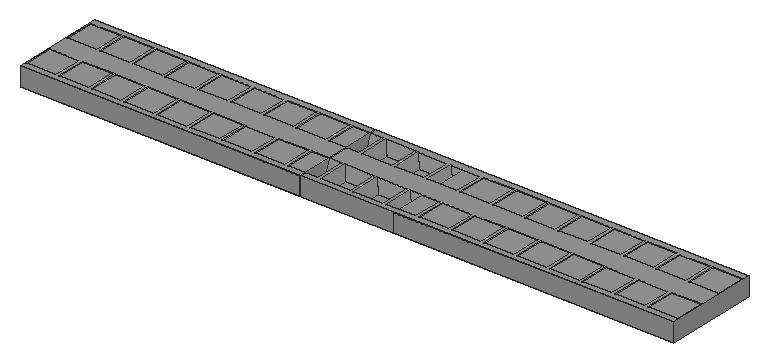
Revit family "2023773", category Lighting Fixtures, host Face, Revit 2018 (continued)
Automatic sketch dimensions
  Extrusion 66 sketch curve to plane 58 = 0 mm
  plane 12 to Extrusion 66 sketch curve = 10.5 mm
  Extrusion 66 sketch curve to plane 6 = 23.5 mm
  plane 50 to Extrusion 67 sketch curve = 10.5 mm
  Extrusion 67 sketch curve to plane 14 = 10.5 mm
  plane 12 to Extrusion 67 sketch curve = 10.5 mm
  Extrusion 67 sketch curve to plane 6 = 23.5 mm
  plane 15 to Extrusion 68 sketch curve = 10.5 mm
  Extrusion 68 sketch curve to plane 16 = 10.5 mm
  plane 12 to Extrusion 68 sketch curve = 10.5 mm
  Extrusion 68 sketch curve to plane 6 = 23.5 mm
  plane 17 to Extrusion 69 sketch curve = 10.5 mm
  Extrusion 69 sketch curve to plane 18 = 10.5 mm
  plane 12 to Extrusion 69 sketch curve = 10.5 mm
  Extrusion 69 sketch curve to plane 6 = 23.5 mm
  plane 19 to Extrusion 70 sketch curve = 10.5 mm
  Extrusion 70 sketch curve to plane 20 = 10.5 mm
  plane 12 to Extrusion 70 sketch curve = 10.5 mm
  Extrusion 70 sketch curve to plane 6 = 23.5 mm
  plane 21 to Extrusion 71 sketch curve = 10.5 mm
  Extrusion 71 sketch curve to plane 22 = 10.5 mm
  plane 12 to Extrusion 71 sketch curve = 10.5 mm
  Extrusion 71 sketch curve to plane 6 = 23.5 mm
  plane 23 to Extrusion 72 sketch curve = 10.5 mm
  Extrusion 72 sketch curve to plane 24 = 10.5 mm
  plane 12 to Extrusion 72 sketch curve = 10.5 mm
  Extrusion 72 sketch curve to plane 6 = 23.5 mm
  plane 31 to Extrusion 73 sketch curve = 10.5 mm
  Extrusion 73 sketch curve to plane 32 = 10.5 mm
  plane 12 to Extrusion 73 sketch curve = 10.5 mm
  Extrusion 73 sketch curve to plane 6 = 23.5 mm
  plane 33 to Extrusion 74 sketch curve = 10.5 mm
  Extrusion 74 sketch curve to plane 34 = 10.5 mm
  plane 12 to Extrusion 74 sketch curve = 10.5 mm
  Extrusion 74 sketch curve to plane 6 = 23.5 mm
  plane 35 to Extrusion 75 sketch curve = 10.5 mm
  Extrusion 75 sketch curve to plane 36 = 10.5 mm
  plane 12 to Extrusion 75 sketch curve = 10.5 mm
  Extrusion 75 sketch curve to plane 6 = 23.5 mm
  plane 37 to Extrusion 76 sketch curve = 10.5 mm
  Extrusion 76 sketch curve to plane 38 = 10.5 mm
  plane 12 to Extrusion 76 sketch curve = 10.5 mm
  Extrusion 76 sketch curve to plane 6 = 23.5 mm
  plane 39 to Extrusion 77 sketch curve = 10.5 mm
  Extrusion 77 sketch curve to plane 40 = 10.5 mm
  plane 12 to Extrusion 77 sketch curve = 10.5 mm
  Extrusion 77 sketch curve to plane 6 = 23.5 mm
  plane 41 to Extrusion 78 sketch curve = 10.5 mm
  Extrusion 78 sketch curve to plane 42 = 10.5 mm
  plane 12 to Extrusion 78 sketch curve = 10.5 mm
  Extrusion 78 sketch curve to plane 6 = 23.5 mm
  plane 43 to Extrusion 79 sketch curve = 10.5 mm
  Extrusion 79 sketch curve to plane 44 = 10.5 mm
  plane 12 to Extrusion 79 sketch curve = 10.5 mm
  Extrusion 79 sketch curve to plane 6 = 23.5 mm
  plane 45 to Extrusion 80 sketch curve = 10.5 mm
  Extrusion 80 sketch curve to plane 46 = 10.5 mm
  plane 12 to Extrusion 80 sketch curve = 10.5 mm
  Extrusion 80 sketch curve to plane 6 = 23.5 mm
  plane 47 to Extrusion 81 sketch curve = 10.5 mm
  Extrusion 81 sketch curve to plane 48 = 10.5 mm
  plane 12 to Extrusion 81 sketch curve = 10.5 mm
  Extrusion 81 sketch curve to plane 6 = 23.5 mm
  plane 49 to Extrusion 82 sketch curve = 10.5 mm
  Extrusion 82 sketch curve to plane 51 = 10.509 mm
  plane 12 to Extrusion 82 sketch curve = 10.5 mm
  Extrusion 82 sketch curve to plane 6 = 23.5 mm
  plane 25 to Extrusion 83 sketch curve = 10.5 mm
  Extrusion 83 sketch curve to plane 26 = 10.5 mm
  plane 12 to Extrusion 83 sketch curve = 10.5 mm
  Extrusion 83 sketch curve to plane 6 = 23.5 mm
  plane 27 to Extrusion 84 sketch curve = 10.5 mm
  Extrusion 84 sketch curve to plane 28 = 10.5 mm
  plane 12 to Extrusion 84 sketch curve = 10.5 mm
  Extrusion 84 sketch curve to plane 6 = 23.5 mm
  plane 29 to Extrusion 85 sketch curve = 10.5 mm
  Extrusion 85 sketch curve to plane 30 = 10.5 mm
  plane 12 to Extrusion 85 sketch curve = 10.5 mm
  Extrusion 85 sketch curve to plane 6 = 23.5 mm
  Extrusion 86 sketch curve to plane 4 = 0 mm
  Extrusion 86 sketch curve to plane 5 = 0 mm
  Extrusion 86 sketch curve to plane 7 = 0 mm
  Extrusion 86 sketch curve to plane 6 = 0 mm
Connectors
  electrical at (0, 0, 0), driven by "Apparent Load", driven by "PowerFactor", driven by "Voltage"
    settings: index 1, voltage 0 V, apparent load 49 VA, apparent load phase1 0 VA, apparent load phase2 0 VA, apparent load phase3 0 VA, power factor 0, load classification "Lighting", number of poles 1, system type 30, power factor state 1, is connector primary yes, connector utility no, sub classification motor no, connector description ""
